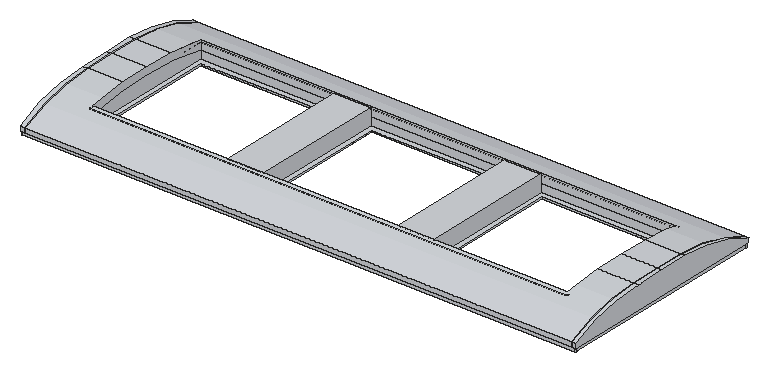
Revit family "Gira_0213326", category Electrical Fixtures, host Face, Revit 2017
Family settings
  Host = Face
  Maintain Annotation Orientation = No
  Round Connector Dimension = Use Diameter
  Part Type = Normal
  Cut with Voids When Loaded = No
  Shared = No
  Room Calculation Point = No
Parameters (values of type "Cov.fr. 3-g interm.fr. PW Gira Event c.alum.")
  With hinged lid = "No"
  URL = "http://katalog.gira.de/en/datenblatt.html?artikelnr=0213326"
  Type of fastening = "Clamp mounting"
  Transparent = "No"
  Surface protection = "Other"
  Surface finishing = "Glossy"
  Suitable for wall duct = "No"
  Suitable for flush-mounted installation = "Yes"
  Suitable for floor box = "No"
  Suitable for built-in installation = "No"
  Number of units vertical = "3"
  Number of units horizontal = "3"
  Number of units = "3"
  Name = "Cov.fr. 3-g interm.fr. PW Gira Event c.alum."
  Mounting direction = "Horizontal and vertical"
  Material quality = "Thermoplastic"
  Material = "Plastic"
  Manufacturer URL = "https://www.gira.de/"
  Manufacturer = "Gira"
  Label space/information surface = "No"
  Keynote = ""
  HeinzeBIM = "https://bimportal.heinze.de/bim/cov-fr-3-g-interm-fr-pw-gira-event-c-alum-/b2c303a3796763854904e6d4c72842c7f06ca386"
  Halogen free = "Yes"
  HAN = "0213326"
  GTIN = "4010337074335"
  Description = "Cov.fr.3g i.fr.PW Event CAl,Gira Event frames,colour aluminium with pure white glossy intermediate frame,3-gang,Features:,- Shatter-proof."
  Degree of protection (IP) = "IP20"
  Default Elevation = 1219.2 mm
  Data sheet (1) = "https://katalog.gira.de/en/download.html?artikelnr=0213326"
  Colour = "Aluminium"
  Category = "Cover frame for domestic switching devices"
  BIM (1) = "https://media.stage.bim.site/public/gira/36a6b08/Event_Rahmen_3fach.rfa"
  Available = "No"
Reference planes
  plane 1 "Center (Front/Back)": y = 0
  plane 2: z = 0
  plane 3 "Center (Left/Right)": x = 0
Forms (mm)
  Extrusion 1, solid, detail levels fine
    sketch origin (0, 0, 0.05) x (0, 1, 0) y (0, 0, 1)
      loop
        arc (12.445, 9.683) -> (6.223, 9.833) -> (0, 9.85) r 291.636
        arc (0, 9.85) -> (-6.223, 9.833) -> (-12.445, 9.683) r 291.636
        arc (-12.445, 9.683) -> (-29.14, 7.482) -> (-45, 1.823) r 79.728
        line (-45, 1.823) -> (-45, -0.05) -> (-42.086, -0.05)
        arc (-42.086, -0.05) -> (-21.385, 5.559) -> (0, 7.206) r 114.424
        arc (0, 7.206) -> (21.385, 5.559) -> (42.086, -0.05) r 114.424
        line (42.086, -0.05) -> (45, -0.05) -> (45, 1.823)
        arc (45, 1.823) -> (29.14, 7.482) -> (12.445, 9.683) r 79.728
    from -114.3 to 114.3
  Extrusion 2, void, detail levels fine
    sketch origin (0, 0, 0) x (1, 0, 0) y (0, 1, 0)
      loop
        line (-99.355, -28.053) -> (99.355, -28.053) -> (99.355, 28.053) -> (-99.355, 28.053) -> (-99.355, -28.053)
    from 0.724 to 11
  Extrusion 3, solid, detail levels coarse
    sketch origin (0, 0, 0) x (1, 0, 0) y (0, 1, 0)
      loop
        line (-116.3, 45) -> (-116.3, -45) -> (116.3, -45) -> (116.3, 45) -> (-116.3, 45)
    from -1.5 to 9.9
  Extrusion 4, solid, detail levels medium
    sketch origin (0, 0, 0.05) x (0, 1, 0) y (0, 0, 1)
      loop
        arc (12.445, 9.683) -> (6.223, 9.833) -> (0, 9.85) r 291.636
        arc (0, 9.85) -> (-6.223, 9.833) -> (-12.445, 9.683) r 291.636
        arc (-12.445, 9.683) -> (-29.14, 7.482) -> (-45, 1.823) r 79.728
        line (-45, 1.823) -> (-45, -0.05) -> (45, -0.05) -> (45, 1.823)
        arc (45, 1.823) -> (29.14, 7.482) -> (12.445, 9.683) r 79.728
    from -116.3 to 116.3
  Extrusion 5, solid, detail levels fine
    sketch origin (-71.3, 0, -1.5) x (0, 1, 0) y (0, 0, -1)
      loop
        line (45, -3.373) -> (45, -1.5) -> (-45, -1.5) -> (-45, -3.373)
        arc (-45, -3.373) -> (-29.14, -9.032) -> (-12.445, -11.233) r 79.728
        arc (-12.445, -11.233) -> (-6.223, -11.383) -> (0, -11.4) r 291.636
        arc (0, -11.4) -> (6.223, -11.383) -> (12.445, -11.233) r 291.636
        arc (12.445, -11.233) -> (29.14, -9.032) -> (45, -3.373) r 79.728
    from 43 to 45
  Extrusion 6, solid, detail levels fine
    sketch origin (0, 0, 0) x (1, 0, 0) y (0, 1, 0)
      loop
        line (-97.195, 25.7) -> (-97.195, -25.7) -> (-45.395, -25.7) -> (-45.395, 25.7) -> (-97.195, 25.7)
      loop
        line (25.9, -25.7) -> (25.9, 25.7) -> (-25.9, 25.7) -> (-25.9, -25.7) -> (25.9, -25.7)
      loop
        line (-100.19, 28.49) -> (-100.19, -28.495)
        spline (-100.19, -28.495) -> (-100.181, -28.625) -> (-100.156, -28.754) -> (-100.113, -28.878) -> (-100.056, -28.995) -> (-99.983, -29.104) -> (-99.897, -29.202) -> (-99.798, -29.288) -> (-99.69, -29.361) -> (-99.572, -29.419) -> (-99.448, -29.461) -> (-99.32, -29.486) -> (-99.19, -29.495)
        line (-99.19, -29.495) -> (99.195, -29.495)
        spline (99.195, -29.495) -> (99.325, -29.486) -> (99.454, -29.461) -> (99.578, -29.419) -> (99.695, -29.361) -> (99.804, -29.288) -> (99.902, -29.202) -> (99.988, -29.104) -> (100.061, -28.995) -> (100.119, -28.878) -> (100.161, -28.754) -> (100.186, -28.625) -> (100.195, -28.495)
        line (100.195, -28.495) -> (100.195, 28.49)
        spline (100.195, 28.49) -> (100.186, 28.62) -> (100.161, 28.748) -> (100.119, 28.872) -> (100.061, 28.99) -> (99.988, 29.098) -> (99.902, 29.197) -> (99.804, 29.283) -> (99.695, 29.356) -> (99.578, 29.413) -> (99.454, 29.456) -> (99.325, 29.481) -> (99.195, 29.49)
        line (99.195, 29.49) -> (-99.19, 29.49)
        spline (-99.19, 29.49) -> (-99.32, 29.481) -> (-99.448, 29.456) -> (-99.572, 29.413) -> (-99.69, 29.356) -> (-99.798, 29.283) -> (-99.897, 29.197) -> (-99.983, 29.098) -> (-100.056, 28.99) -> (-100.113, 28.872) -> (-100.156, 28.748) -> (-100.181, 28.62) -> (-100.19, 28.49)
      loop
        line (97.2, -25.7) -> (97.2, 25.7) -> (45.4, 25.7) -> (45.4, -25.7) -> (97.2, -25.7)
    from 0.1 to 7.3
  Extrusion 7, solid
    sketch origin (0, 0, 0) x (1, 0, 0) y (0, 1, 0)
      loop
        arc (-116, -44.2) -> (-115.854, -44.554) -> (-115.5, -44.7) r 0.5
        line (-115.5, -44.7) -> (115.5, -44.7)
        arc (115.5, -44.7) -> (115.854, -44.554) -> (116, -44.2) r 0.5
        line (116, -44.2) -> (116, 44.2)
        arc (116, 44.2) -> (115.854, 44.554) -> (115.5, 44.7) r 0.5
        line (115.5, 44.7) -> (-115.5, 44.7)
        arc (-115.5, 44.7) -> (-115.854, 44.554) -> (-116, 44.2) r 0.5
        line (-116, 44.2) -> (-116, -44.2)
      loop
        line (-114.3, 43) -> (-114.3, -43) -> (114.3, -43) -> (114.3, 43) -> (-114.3, 43)
    from -1.5 to 0.5
  Extrusion 8, solid, detail levels fine
    sketch origin (71.3, 0, -1.5) x (0, 1, 0) y (0, 0, 1)
      loop
        arc (45, 3.373) -> (29.14, 9.032) -> (12.445, 11.233) r 79.728
        arc (12.445, 11.233) -> (6.223, 11.383) -> (0, 11.4) r 291.636
        arc (0, 11.4) -> (-6.223, 11.383) -> (-12.445, 11.233) r 291.636
        arc (-12.445, 11.233) -> (-29.14, 9.032) -> (-45, 3.373) r 79.728
        line (-45, 3.373) -> (-45, 1.5) -> (45, 1.5) -> (45, 3.373)
    from 43 to 45
  Extrusion 9, solid, detail levels medium
    sketch origin (0, 0, 0) x (1, 0, 0) y (0, 1, 0)
      loop
        line (-116, -44.7) -> (116, -44.7) -> (116, 44.7) -> (-116, 44.7) -> (-116, -44.7)
    from -1.5 to 0.5
  Extrusion 10, solid, detail levels fine
    sketch origin (-34.207, 0, 0) x (1, 0, 0) y (0, 1, 0)
      loop
        line (-8.943, 28.063) -> (-8.943, -27.937) -> (6.057, -27.937) -> (6.057, 28.063) -> (-8.943, 28.063)
    from 0.724 to 7.566
  Extrusion 11, solid, detail levels fine
    sketch origin (34.207, 0, 0) x (-1, 0, 0) y (0, -1, 0)
      loop
        line (-8.943, -28.063) -> (6.057, -28.063) -> (6.057, 27.937) -> (-8.943, 27.937) -> (-8.943, -28.063)
    from 0.724 to 7.566
Cuts and joins
  Extrusion 2 cuts Extrusion 1
  Extrusion 2 cuts Extrusion 6
Dimensions and locks
  aligned and locked: plane 2 to host face
  aligned and locked: level to host face
